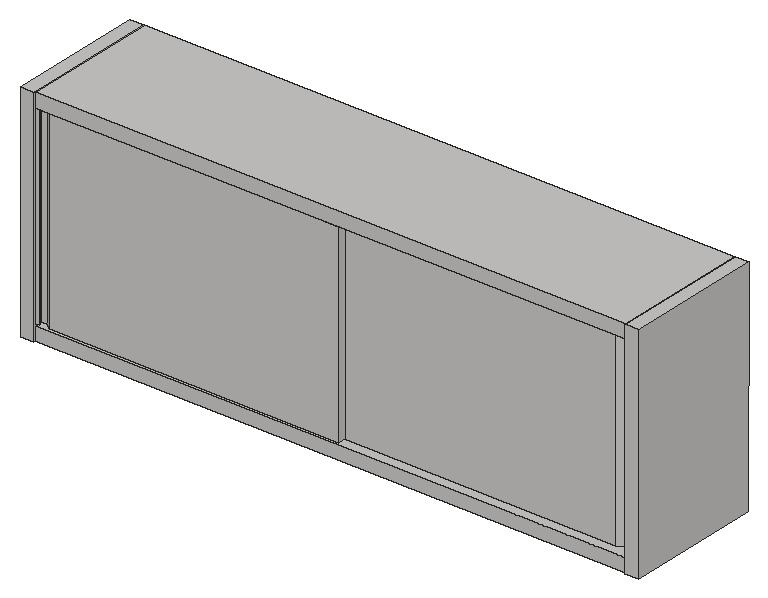
Revit family "QF_ZANUSSI_132925_SPS18LCN", category Attrezzature speciali, Revit 2020
Family settings
  Quota connettore circolare = Usa diametro
  Tipo di parte = Normale
  Basato su piano di lavoro = No
  Sempre verticale = Sì
  Taglio con vuoti quando caricato = No
  Condiviso = No
  Punto di calcolo locali = No
Parameters (values of type "Standard")
  Weight = 35.00 kg
  Watts = 0 W
  Volts = 0 V
  URL Manufacturer = "http://www.zanussiprofessional.com"
  URL = "http://www.zanussiprofessional.com"
  Steam Supply Size = 0 mm
  Steam Supply Minimum Pressure = 0.0 Pa
  Steam Supply Maximum Pressure = 0.0 Pa
  Steam Consumption per Hour = 0
  Refrigeration Suction Line Size = 0.0 mm
  Refrigeration Liquid Line Size = 0.0 mm
  Refrigerant Compressor Remote = yes
  Prospetto di default = 0.0 mm
  Phase = 0
  Modello = "SPS18LCN"
  Produttore = "Zanussi"
  Length Actual = 1800.0 mm  # constant formula
  Item Number = "132925"
  Hot Water Size = 0 mm
  Height Actual = 650.0 mm  # constant formula
  HP = "0 HP"
  Gas Size = 0 mm
  Gas KW = 0
  Gas Input Pressure = 0 W
  Direct Waste Size = 0 mm
  Descrizione = "WALL CUPBOARD W/2 SLIDING DOORS 1800MM"
  Depth Actual = 400.0 mm  # constant formula
  Cycle = 0 Hz
  Condensate Return Size = 0 mm
  Compressed Air Volume = 0.0 L/s
  Compressed Air Size = 0 mm
  Compressed Air Pressure = 0.0 Pa
  Cold Water Size = 0 mm
  Accessory = yes
Reference planes
  plane 1 "Center (Front/Back)": y = 0
  plane 2: z = 0
  plane 3 "Center (Left/Right)": x = -300
  plane 4 "LEFT": x = -1200
  plane 5 "RIGHT": x = 600
  plane 6 "BACK": y = 200
  plane 7 "FRONT": y = -200
  plane 8 "Base": z = 2200
  plane 9 "BASE": z = 1550
  plane 10: x = -1160
  plane 11: x = 560
  plane 12: y = -197
  plane 13: y = 150
Forms (mm)
  Extrusion 1, solid, material "QF_Finishes_Stainless Steel"
    sketch origin (0, 0, 1550) x (-1, 0, 0) y (0, -1, 0)
      loop
        line (1200, -200) -> (1200, 200) -> (1160, 200) -> (1160, -200) -> (1200, -200)
      loop
        line (-560, -200) -> (-560, 200) -> (-600, 200) -> (-600, -200) -> (-560, -200)
    from 0 to 650
  Extrusion 2, solid, material "QF_Finishes_Stainless Steel"
    sketch origin (0, 0, 1550) x (-1, 0, 0) y (0, -1, 0)
      loop
        line (1160, -150) -> (1160, 197) -> (-560, 197) -> (-560, -150) -> (1160, -150)
    from 0 to 40
  Extrusion 3, solid, material "QF_Finishes_Stainless Steel"
    sketch origin (0, 0, 0) x (1, 0, 0) y (0, 1, 0)
      loop
        line (-1160, -197) -> (560, -197) -> (560, 200) -> (-1160, 200) -> (-1160, -197)
    from 2160 to 2200
  Extrusion 4, solid, material "QF_Finishes_Stainless Steel"
    sketch origin (0, 0, 1550) x (-1, 0, 0) y (0, -1, 0)
      loop
        line (1160, -200) -> (1160, -150) -> (-560, -150) -> (-560, -200) -> (1160, -200)
    from 610 to 0
  Extrusion 5, solid, material "QF_Finishes_Stainless Steel"
    sketch origin (0, 0, 0) x (1, 0, 0) y (0, 1, 0)
      loop
        line (-273.481, -197) -> (-273.481, -177) -> (-1157, -177) -> (-1157, -197) -> (-1147, -197) -> (-1147, -194) -> (-1154, -194) -> (-1154, -182) -> (-1137, -182) -> (-1117, -197) -> (-273.481, -197)
    from 1597 to 2160
  Extrusion 6, solid, material "QF_Finishes_Stainless Steel"
    sketch origin (0, 0, 0) x (1, 0, 0) y (0, 1, 0)
      loop
        line (-326.5, -177) -> (517, -177) -> (537, -162) -> (554, -162) -> (554, -174) -> (547, -174) -> (547, -177) -> (557, -177) -> (557, -157) -> (-326.5, -157) -> (-326.5, -177)
    from 2160 to 1597
Lines and regions (mm)
  symbolic lines, style "SpecialityEquipment"
    curve 1: line (600, 200, 0) -> (-1200, 200, 0)
    curve 2: line (600, -200, 0) -> (600, 200, 0)
    curve 3: line (-1200, -204.5, 0) -> (-1200, 200, 0)
    curve 4: line (-1200, -200, 0) -> (-1162, -200, 0)
    curve 5: line (562, -200, 0) -> (600, -200, 0)
    curve 7: line (562, -197, 0) -> (-1162, -197, 0)
    curve 12: line (-1114.985, -211.008, 0) -> (-1114.038, -209.239, 0)
  symbolic lines, style "SpecialityEquipmentHiddenLines"
    curve 6: line (562, -200, 0) -> (562, -197, 0)
    curve 8: line (-1162, -197, 0) -> (-1162, -200, 0)
    curve 9: line (560, -157, 0) -> (-326.5, -157, 0)
    curve 10: line (-326.5, -157, 0) -> (-326.5, -181, 0)
    curve 11: line (517, -181, 0) -> (-1157, -181, 0)
    curve 13: line (-273.5, -181, 0) -> (-273.5, -197, 0)
    curve 14: line (-1157, -181, 0) -> (-1157, -186, 0)
    curve 15: line (-1137, -186, 0) -> (-1154, -186, 0)
  symbolic lines
    curve 16: line (-1200, 200, 0) -> (600, -200, 0)
    curve 17: line (600, 200, 0) -> (-1200, -200, 0)
    curve 18: line (-1137, -186, 0) -> (-1117, -197, 0)
    curve 19: line (-1154, -186, 0) -> (-1154, -194, 0)
    curve 20: line (-1154, -194, 0) -> (-1147, -194, 0)
    curve 21: line (-1147, -194, 0) -> (-1147, -197, 0)
    curve 22: line (557, -157, 0) -> (557, -177, 0)
    curve 23: line (557, -177, 0) -> (547, -177, 0)
    curve 24: line (547, -177, 0) -> (547, -174, 0)
    curve 25: line (547, -174, 0) -> (554, -174, 0)
    curve 26: line (554, -174, 0) -> (554, -162, 0)
    curve 27: line (554, -162, 0) -> (537, -162, 0)
    curve 28: line (517, -181, 0) -> (537, -162, 0)
Dimensions and locks
  plane 4 "LEFT" to plane 5 "RIGHT" = 1800.0 mm
  equal spacing: plane 4 "LEFT", plane 3 "Center (Left/Right)", plane 5 "RIGHT"
  plane 6 "BACK" to plane 7 "FRONT" = 400.0 mm
  equal spacing: plane 6 "BACK", plane 1 "Center (Front/Back)", plane 7 "FRONT"
  plane 9 "BASE" to level = 1550.0 mm
  locked: plane 4 "LEFT" to plane 10 at 40
  locked: plane 11 to plane 5 "RIGHT" at 40
  plane 12 to plane 7 "FRONT" = 3.0 mm
  plane 6 "BACK" to plane 13 = 50.0 mm
  locked: plane 8 "Base" to plane 9 "BASE" at 650
  aligned and locked: level to plane 2
  aligned and locked: plane 8 "Base" to Extrusion 1
  aligned and locked: plane 6 "BACK" to Extrusion 1 sketch curve
  aligned and locked: Extrusion 1 sketch curve to plane 6 "BACK"
  aligned and locked: plane 7 "FRONT" to Extrusion 1 sketch curve
  aligned and locked: Extrusion 1 sketch curve to plane 7 "FRONT"
  aligned and locked: plane 10 to Extrusion 1
  aligned and locked: Extrusion 1 to plane 11
  aligned and locked: Extrusion 2 to plane 10
  aligned and locked: plane 11 to Extrusion 2
  aligned and locked: plane 8 "Base" to Extrusion 3
  aligned and locked: Extrusion 2 to plane 12
  aligned and locked: Extrusion 2 to plane 13
  aligned and locked: Extrusion 3 to plane 12
  aligned and locked: plane 10 to Extrusion 4 sketch curve
  aligned and locked: Extrusion 4 sketch curve to plane 11
  aligned and locked: Extrusion 4 sketch curve to plane 6 "BACK"
  aligned and locked: Extrusion 4 sketch curve to plane 13
  aligned and locked: Extrusion 4 to Extrusion 3
  aligned and locked: Extrusion 4 to plane 9 "BASE"
  aligned and locked: plane 6 "BACK" to Extrusion 3
Automatic sketch dimensions
  Extrusion 1 sketch curve to plane 5 "RIGHT" = 0.0 mm
  Extrusion 1 sketch curve to plane 11 = 0.0 mm
  Extrusion 1 sketch curve to plane 10 = 0.0 mm
  Extrusion 1 sketch curve to plane 4 "LEFT" = 0.0 mm
  Extrusion 2 sketch curve to plane 11 = 0.0 mm
  Extrusion 2 sketch curve to plane 10 = 0.0 mm
  plane 13 to Extrusion 2 sketch curve = 0.0 mm
  Extrusion 2 sketch curve to plane 12 = 0.0 mm
  Extrusion 3 sketch curve to plane 6 "BACK" = 0.0 mm
  Extrusion 3 sketch curve to plane 10 = 0.0 mm
  Extrusion 3 sketch curve to plane 11 = 0.0 mm
  Extrusion 3 sketch curve to plane 12 = 0.0 mm
  Extrusion 5 sketch curve to plane 12 = 0.0 mm  (x2)
  plane 10 to Extrusion 5 sketch curve = 3.0 mm
  Extrusion 5 sketch curve to Extrusion 5 sketch curve = 3.0 mm
  Extrusion 5 sketch curve to Extrusion 5 sketch curve = 7.0 mm
  Extrusion 5 sketch curve to Extrusion 5 sketch curve = 10.0 mm
  plane 3 "Center (Left/Right)" to Extrusion 5 sketch curve = 26.519 mm
  plane 12 to Extrusion 5 sketch curve = 3.0 mm
  Extrusion 5 sketch curve to Extrusion 5 sketch curve = 12.0 mm
  Extrusion 5 sketch curve to Extrusion 5 sketch curve = 20.0 mm  (x2)
  Extrusion 5 sketch curve to Extrusion 5 sketch curve = 0.0 mm
  Extrusion 6 sketch curve to plane 3 "Center (Left/Right)" = 26.5 mm
  plane 12 to Extrusion 6 sketch curve = 20.0 mm  (x2)
  Extrusion 6 sketch curve to plane 11 = 43.0 mm
  Extrusion 6 sketch curve to plane 11 = 23.0 mm
  Extrusion 6 sketch curve to plane 11 = 13.0 mm
  Extrusion 6 sketch curve to plane 11 = 6.0 mm
  Extrusion 6 sketch curve to plane 11 = 3.0 mm
  Extrusion 6 sketch curve to Extrusion 6 sketch curve = 3.0 mm
  Extrusion 6 sketch curve to Extrusion 6 sketch curve = 12.0 mm
  Extrusion 6 sketch curve to Extrusion 6 sketch curve = 20.0 mm
  curve 1 to plane 4 "LEFT" = 0.0 mm
  curve 4 to plane 7 "FRONT" = 0.0 mm
  curve 9 to plane 11 = 0.0 mm
  curve 6 to plane 12 = 0.0 mm
  curve 2 to plane 5 "RIGHT" = 0.0 mm
  curve 16 to plane 7 "FRONT" = 0.0 mm
  curve 17 to plane 7 "FRONT" = 0.0 mm
  curve 17 to plane 6 "BACK" = 0.0 mm
  curve 8 to plane 10 = 2.0 mm
  plane 10 to curve 11 = 3.0 mm
  plane 10 to curve 19 = 6.0 mm
  plane 12 to curve 20 = 3.0 mm
  curve 19 to curve 20 = 7.0 mm
  curve 20 to curve 15 = 10.0 mm
  curve 18 to curve 15 = 0.0 mm
  curve 15 to curve 18 = 20.0 mm
  curve 12 to plane 7 "FRONT" = 11.008 mm
  curve 18 to curve 12 = 2.015 mm
  curve 12 to plane 7 "FRONT" = 9.239 mm
  curve 12 to curve 12 = 0.948 mm
  curve 10 to plane 3 "Center (Left/Right)" = 26.5 mm
  plane 3 "Center (Left/Right)" to curve 13 = 26.5 mm
  curve 28 to plane 11 = 43.0 mm
  curve 28 to plane 11 = 23.0 mm
  curve 24 to plane 11 = 13.0 mm
  curve 25 to plane 11 = 6.0 mm
  curve 22 to curve 9 = 3.0 mm
  plane 11 to curve 5 = 2.0 mm
  curve 3 to curve 17 = 4.5 mm
  curve 14 to curve 15 = 0.0 mm
  plane 12 to curve 23 = 20.0 mm
  curve 14 to curve 14 = 5.0 mm
  curve 23 to curve 24 = 3.0 mm
  curve 25 to curve 27 = 12.0 mm
  curve 26 to curve 22 = 5.0 mm
